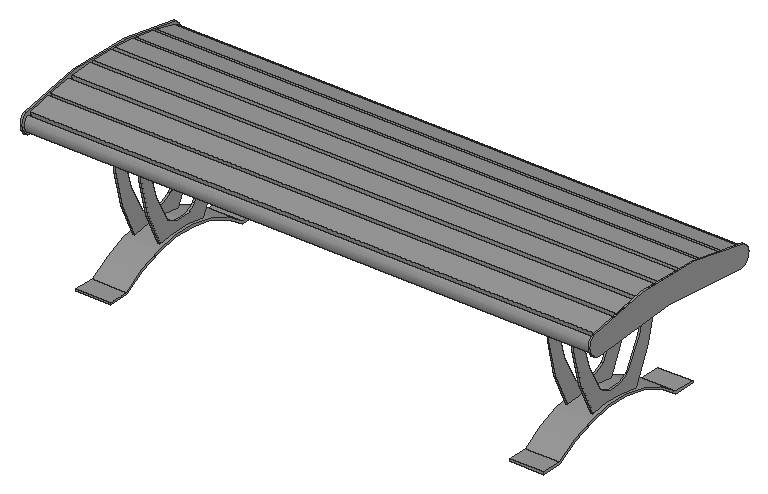
Revit family "Скамейка стальная «Химки» без спинки Арт 14651", category Антураж, Revit 2018
Family settings
  На основе рабочей плоскости = Нет
  Всегда вертикально = Да
  При загрузке вырезать с полостями = Нет
  Источник визуального образа = Геометрия семейства
  Общий = Нет
  Точка расчета площади = Нет
Parameters (values of type "Скамейка стальная «Химки» без спинки")
  Цвет опор = Сталь
  Цвет лавки = Дерево
  Описание = "Скамейка стальная «Химки» без спинки"  # constant formula
  Материал изделия = "Сталь, дерево"  # constant formula
  Изображение типоразмера = Скамейка стальная «Химки» без спинки Арт 14651.jpg
  Изготовитель = "ООО «Хоббика»"  # constant formula
  Длина = 1500 mm  # constant formula
  Ширина = 520 mm  # constant formula
  Группа модели = "Садовые скамейки"  # constant formula
  Высота = 410 mm  # constant formula
  Артикул товара = "Арт 14651"  # constant formula
  URL = "https://hobbyka.ru/product/skameyka_khimki/"
Reference planes
  plane 1 "По центру (Вперед/Назад)": y = 0
  plane 2: z = 0
  plane 3 "По центру (Влево/Вправо)": x = 0
  plane 4: x = 1500
  plane 5: y = 520
  plane 6: z = 410
Forms (mm)
  Extrusion 1, solid, material "Сталь"
    sketch origin (0, 0, 0) x (0, 1, 0) y (0, 0, 1)
      loop
        arc (14.665, 375.784) -> (1.073, 342.048) -> (30, 320) r 30
        arc (30, 320) -> (260, 338.389) -> (490, 320) r 1447.553
        arc (490, 320) -> (518.927, 342.048) -> (505.335, 375.784) r 30
        arc (505.335, 375.784) -> (260, 410) -> (14.665, 375.784) r 896.667
    from 0 to 5
  Extrusion 2, solid, material "Сталь" <- "Цвет опор"
    sketch origin (0, 0, 0) x (0, 1, 0) y (0, 0, 1)
      loop
        line (505, 5) -> (451.712, 5)
        arc (451.712, 5) -> (260, 70.336) -> (68.288, 5) r 313.933
        line (68.288, 5) -> (15, 5) -> (15, 0) -> (70, 0)
        arc (70, 0) -> (260, 65.336) -> (450, 0) r 308.933
        line (450, 0) -> (505, 0) -> (505, 5)
    from 135 to 225
  Extrusion 3, solid, material "Сталь" <- "Цвет опор"
    sketch origin (0, 0, 0) x (0, 1, 0) y (0, 0, 1)
      loop
        arc (122.593, 331.853) -> (136.912, 192.312) -> (189.78, 62.382) r 495.286
        arc (189.78, 62.382) -> (260, 70.336) -> (330.22, 62.382) r 313.933
        arc (330.22, 62.382) -> (383.088, 192.312) -> (397.407, 331.853) r 495.286
        arc (397.407, 331.853) -> (384.414, 333.033) -> (371.412, 334.095) r 1447.553
        arc (371.412, 334.095) -> (356.493, 216.341) -> (306.283, 108.789) r 383.512
        arc (306.283, 108.789) -> (259.281, 91.555) -> (212.803, 110.154) r 69.934
        arc (212.803, 110.154) -> (163.28, 217.131) -> (148.588, 334.095) r 383.512
        arc (148.588, 334.095) -> (135.586, 333.033) -> (122.593, 331.853) r 1447.553
    from 145 to 150
  Extrusion 4, solid, material "Сталь" <- "Цвет опор"
    sketch origin (0, 0, 0) x (0, 1, 0) y (0, 0, 1)
      loop
        arc (122.593, 331.853) -> (136.912, 192.312) -> (189.78, 62.382) r 495.286
        arc (189.78, 62.382) -> (260, 70.336) -> (330.22, 62.382) r 313.933
        arc (330.22, 62.382) -> (383.088, 192.312) -> (397.407, 331.853) r 495.286
        arc (397.407, 331.853) -> (384.414, 333.033) -> (371.412, 334.095) r 1447.553
        arc (371.412, 334.095) -> (356.493, 216.341) -> (306.283, 108.789) r 383.512
        arc (306.283, 108.789) -> (259.281, 91.555) -> (212.803, 110.154) r 69.934
        arc (212.803, 110.154) -> (163.28, 217.131) -> (148.588, 334.095) r 383.512
        arc (148.588, 334.095) -> (135.586, 333.033) -> (122.593, 331.853) r 1447.553
    from 210 to 215
  Extrusion 5, solid, material "Сталь" <- "Цвет опор"
    sketch origin (1500, 0, 0) x (0, 1, 0) y (0, 0, -1)
      loop
        arc (14.665, -375.784) -> (260, -410) -> (505.335, -375.784) r 896.667
        arc (505.335, -375.784) -> (518.927, -342.048) -> (490, -320) r 30
        arc (490, -320) -> (260, -338.389) -> (30, -320) r 1447.553
        arc (30, -320) -> (1.073, -342.048) -> (14.665, -375.784) r 30
    from 0 to 5
  Extrusion 6, solid, material "Сталь" <- "Цвет опор"
    sketch origin (1500, 0, 0) x (0, 1, 0) y (0, 0, -1)
      loop
        line (505, -5) -> (505, 0) -> (450, 0)
        arc (450, 0) -> (260, -65.336) -> (70, 0) r 308.933
        line (70, 0) -> (15, 0) -> (15, -5) -> (68.288, -5)
        arc (68.288, -5) -> (260, -70.336) -> (451.712, -5) r 313.933
        line (451.712, -5) -> (505, -5)
    from 135 to 225
  Extrusion 7, solid, material "Сталь" <- "Цвет опор"
    sketch origin (1500, 0, 0) x (0, 1, 0) y (0, 0, -1)
      loop
        arc (122.593, -331.853) -> (135.586, -333.033) -> (148.588, -334.095) r 1447.553
        arc (148.588, -334.095) -> (163.28, -217.131) -> (212.803, -110.154) r 383.512
        arc (212.803, -110.154) -> (259.281, -91.555) -> (306.283, -108.789) r 69.934
        arc (306.283, -108.789) -> (356.493, -216.341) -> (371.412, -334.095) r 383.512
        arc (371.412, -334.095) -> (384.414, -333.033) -> (397.407, -331.853) r 1447.553
        arc (397.407, -331.853) -> (383.088, -192.312) -> (330.22, -62.382) r 495.286
        arc (330.22, -62.382) -> (260, -70.336) -> (189.78, -62.382) r 313.933
        arc (189.78, -62.382) -> (136.912, -192.312) -> (122.593, -331.853) r 495.286
    from 145 to 150
  Extrusion 8, solid, material "Сталь" <- "Цвет опор"
    sketch origin (1500, 0, 0) x (0, 1, 0) y (0, 0, -1)
      loop
        arc (122.593, -331.853) -> (135.586, -333.033) -> (148.588, -334.095) r 1447.553
        arc (148.588, -334.095) -> (163.28, -217.131) -> (212.803, -110.154) r 383.512
        arc (212.803, -110.154) -> (259.281, -91.555) -> (306.283, -108.789) r 69.934
        arc (306.283, -108.789) -> (356.493, -216.341) -> (371.412, -334.095) r 383.512
        arc (371.412, -334.095) -> (384.414, -333.033) -> (397.407, -331.853) r 1447.553
        arc (397.407, -331.853) -> (383.088, -192.312) -> (330.22, -62.382) r 495.286
        arc (330.22, -62.382) -> (260, -70.336) -> (189.78, -62.382) r 313.933
        arc (189.78, -62.382) -> (136.912, -192.312) -> (122.593, -331.853) r 495.286
    from 210 to 215
  Extrusion 9, solid, material "Дерево" <- "Цвет лавки"
    sketch origin (0, 0, 0) x (0, 1, 0) y (0, 0, 1)
      loop
        arc (495.423, 373.36) -> (466.566, 380.743) -> (437.478, 387.159) r 891.667
        line (437.478, 387.159) -> (431.68, 360.321)
        arc (431.68, 360.321) -> (459.786, 353.85) -> (487.65, 346.403) r 827.895
        line (487.65, 346.403) -> (495.423, 373.36)
      loop
        arc (289.81, 404.502) -> (260, 405) -> (230.19, 404.502) r 891.667
        line (230.19, 404.502) -> (231.178, 377.816)
        arc (231.178, 377.816) -> (260, 378.317) -> (288.822, 377.816) r 827.895
        line (288.822, 377.816) -> (289.81, 404.502)
      loop
        line (299.735, 404.114) -> (298.392, 377.427)
        arc (298.392, 377.427) -> (327.175, 375.588) -> (355.877, 372.747) r 827.895
        line (355.877, 372.747) -> (359.052, 399.481)
        arc (359.052, 399.481) -> (329.433, 402.293) -> (299.735, 404.114) r 891.667
      loop
        line (368.921, 398.322) -> (365.384, 371.583)
        arc (365.384, 371.583) -> (393.923, 367.414) -> (422.299, 362.253) r 827.895
        line (422.299, 362.253) -> (427.723, 389.084)
        arc (427.723, 389.084) -> (398.399, 394.194) -> (368.921, 398.322) r 891.667
      loop
        arc (220.265, 404.114) -> (190.567, 402.293) -> (160.948, 399.481) r 891.667
        line (160.948, 399.481) -> (164.123, 372.747)
        arc (164.123, 372.747) -> (192.825, 375.588) -> (221.608, 377.427) r 827.895
        line (221.608, 377.427) -> (220.265, 404.114)
      loop
        arc (151.079, 398.322) -> (121.601, 394.194) -> (92.277, 389.084) r 891.667
        line (92.277, 389.084) -> (97.701, 362.253)
        arc (97.701, 362.253) -> (126.077, 367.414) -> (154.616, 371.583) r 827.895
        line (154.616, 371.583) -> (151.079, 398.322)
      loop
        arc (82.522, 387.159) -> (53.434, 380.743) -> (24.577, 373.36) r 891.667
        line (24.577, 373.36) -> (32.35, 346.403)
        arc (32.35, 346.403) -> (60.214, 353.85) -> (88.32, 360.321) r 827.895
        line (88.32, 360.321) -> (82.522, 387.159)
    from 5 to 1495
  Extrusion 10, solid, material "Сталь" <- "Цвет опор"
    sketch origin (0, 0, 0) x (0, 1, 0) y (0, 0, 1)
      loop
        arc (15.162, 370.12) -> (6.073, 342.755) -> (28.816, 325.028) r 25
        line (28.816, 325.028) -> (15.162, 370.12)
      loop
        arc (491.184, 325.028) -> (513.927, 342.755) -> (504.838, 370.12) r 25
        line (504.838, 370.12) -> (491.184, 325.028)
    from 5 to 1495
Lines and regions (mm)
  symbolic lines
    curve 1: line (0, 0, 950) -> (1500, 0, 950)
    curve 2: line (750, 0, 950) -> (750, 0, 1330)
Dimensions and locks
  "Длина": plane 3 "По центру (Влево/Вправо)" to plane 4
  "Ширина": plane 5 to plane 1 "По центру (Вперед/Назад)"
  "Высота": plane 6 to plane 2
  aligned and locked: level to plane 2
Automatic sketch dimensions
  curve 1 to plane 3 "По центру (Влево/Вправо)" = 0 mm
  curve 1 to plane 4 = 0 mm
  plane 6 to curve 1 = 540 mm
  plane 3 "По центру (Влево/Вправо)" to curve 2 = 750 mm
  curve 2 to curve 2 = 380 mm
  Extrusion 1 sketch curve to plane 1 "По центру (Вперед/Назад)" = 30 mm
  Extrusion 1 sketch curve to plane 1 "По центру (Вперед/Назад)" = 260 mm  (x2)
  Extrusion 1 sketch curve to plane 5 = 30 mm
  Extrusion 1 sketch curve to level = 1109.164 mm
  Extrusion 1 sketch curve to level = 486.667 mm
  Extrusion 1 sketch curve to plane 6 = 60 mm
  level to Extrusion 1 sketch curve = 350 mm
  Extrusion 1 sketch curve to plane 1 "По центру (Вперед/Назад)" = 14.665 mm
  Extrusion 1 sketch curve to Extrusion 1 sketch curve = 30 mm
  Extrusion 2 sketch curve to Extrusion 2 sketch curve = 0 mm  (x2)
  Extrusion 2 sketch curve to level = 0 mm  (x2)
  level to Extrusion 2 sketch curve = 5 mm  (x2)
  Extrusion 2 sketch curve to plane 1 "По центру (Вперед/Назад)" = 15 mm
  Extrusion 2 sketch curve to Extrusion 2 sketch curve = 53.288 mm
  Extrusion 2 sketch curve to Extrusion 2 sketch curve = 1.712 mm
  Extrusion 2 sketch curve to plane 1 "По центру (Вперед/Назад)" = 260 mm
  Extrusion 2 sketch curve to plane 5 = 15 mm
  Extrusion 2 sketch curve to level = 243.597 mm
  Extrusion 3 sketch curve to Extrusion 3 sketch curve = 0 mm  (x2)
  plane 1 "По центру (Вперед/Назад)" to Extrusion 3 sketch curve = 97.486 mm
  plane 1 "По центру (Вперед/Назад)" to Extrusion 3 sketch curve = 11.935 mm
  Extrusion 3 sketch curve to plane 1 "По центру (Вперед/Назад)" = 260 mm  (x2)
  level to Extrusion 3 sketch curve = 161.481 mm
  Extrusion 3 sketch curve to plane 5 = 259.697 mm
  plane 5 to Extrusion 3 sketch curve = 11.935 mm
  Extrusion 3 sketch curve to Extrusion 3 sketch curve = 85.551 mm
  Extrusion 3 sketch curve to level = 243.597 mm
  Extrusion 3 sketch curve to Extrusion 3 sketch curve = 865.567 mm
  Extrusion 3 sketch curve to plane 6 = 97.868 mm  (x2)
  Extrusion 3 sketch curve to Extrusion 3 sketch curve = 10.709 mm  (x2)
  Extrusion 3 sketch curve to plane 1 "По центру (Вперед/Назад)" = 122.593 mm
  Extrusion 3 sketch curve to Extrusion 3 sketch curve = 25.995 mm
  level to Extrusion 3 sketch curve = 62.382 mm
  Extrusion 3 sketch curve to Extrusion 3 sketch curve = 70.523 mm
  Extrusion 3 sketch curve to Extrusion 3 sketch curve = 23.023 mm
  Extrusion 3 sketch curve to Extrusion 3 sketch curve = 45.981 mm
  Extrusion 3 sketch curve to Extrusion 3 sketch curve = 23.937 mm
  Extrusion 3 sketch curve to plane 6 = 75.905 mm
  Extrusion 4 sketch curve to Extrusion 4 sketch curve = 0 mm  (x2)
  plane 1 "По центру (Вперед/Назад)" to Extrusion 4 sketch curve = 97.486 mm
  plane 1 "По центру (Вперед/Назад)" to Extrusion 4 sketch curve = 11.935 mm
  Extrusion 4 sketch curve to plane 1 "По центру (Вперед/Назад)" = 260 mm  (x2)
  level to Extrusion 4 sketch curve = 161.481 mm
  Extrusion 4 sketch curve to plane 5 = 259.697 mm
  plane 5 to Extrusion 4 sketch curve = 11.935 mm
  Extrusion 4 sketch curve to Extrusion 4 sketch curve = 85.551 mm
  Extrusion 4 sketch curve to level = 243.597 mm
  Extrusion 4 sketch curve to Extrusion 4 sketch curve = 865.567 mm
  Extrusion 4 sketch curve to plane 6 = 97.868 mm  (x2)
  Extrusion 4 sketch curve to Extrusion 4 sketch curve = 10.709 mm  (x2)
  Extrusion 4 sketch curve to plane 1 "По центру (Вперед/Назад)" = 122.593 mm
  Extrusion 4 sketch curve to Extrusion 4 sketch curve = 25.995 mm
  level to Extrusion 4 sketch curve = 62.382 mm
  Extrusion 4 sketch curve to Extrusion 4 sketch curve = 70.523 mm
  Extrusion 4 sketch curve to Extrusion 4 sketch curve = 23.023 mm
  Extrusion 4 sketch curve to Extrusion 4 sketch curve = 45.981 mm
  Extrusion 4 sketch curve to Extrusion 4 sketch curve = 23.937 mm
  Extrusion 4 sketch curve to plane 6 = 75.905 mm
  Extrusion 5 sketch curve to plane 1 "По центру (Вперед/Назад)" = 30 mm
  Extrusion 5 sketch curve to plane 1 "По центру (Вперед/Назад)" = 260 mm  (x2)
  Extrusion 5 sketch curve to plane 5 = 30 mm
  Extrusion 5 sketch curve to plane 6 = 60 mm
  level to Extrusion 5 sketch curve = 350 mm
  Extrusion 5 sketch curve to level = 486.667 mm
  Extrusion 5 sketch curve to Extrusion 5 sketch curve = 622.497 mm
  Extrusion 5 sketch curve to plane 1 "По центру (Вперед/Назад)" = 14.665 mm
  Extrusion 5 sketch curve to Extrusion 5 sketch curve = 25.784 mm
  Extrusion 6 sketch curve to Extrusion 6 sketch curve = 0 mm  (x2)
  Extrusion 6 sketch curve to level = 0 mm  (x2)
  level to Extrusion 6 sketch curve = 5 mm  (x2)
  Extrusion 6 sketch curve to plane 1 "По центру (Вперед/Назад)" = 15 mm
  Extrusion 6 sketch curve to Extrusion 6 sketch curve = 53.288 mm
  Extrusion 6 sketch curve to Extrusion 6 sketch curve = 1.712 mm
  Extrusion 6 sketch curve to plane 1 "По центру (Вперед/Назад)" = 260 mm
  Extrusion 6 sketch curve to plane 5 = 15 mm
  Extrusion 6 sketch curve to level = 243.597 mm
  Extrusion 7 sketch curve to Extrusion 7 sketch curve = 0 mm  (x2)
  plane 1 "По центру (Вперед/Назад)" to Extrusion 7 sketch curve = 97.486 mm
  plane 1 "По центру (Вперед/Назад)" to Extrusion 7 sketch curve = 11.935 mm
  Extrusion 7 sketch curve to plane 1 "По центру (Вперед/Назад)" = 260 mm  (x2)
  level to Extrusion 7 sketch curve = 161.481 mm
  Extrusion 7 sketch curve to plane 5 = 259.697 mm
  plane 5 to Extrusion 7 sketch curve = 11.935 mm
  Extrusion 7 sketch curve to Extrusion 7 sketch curve = 85.551 mm
  Extrusion 7 sketch curve to plane 6 = 97.868 mm  (x2)
  Extrusion 7 sketch curve to Extrusion 7 sketch curve = 10.709 mm  (x2)
  Extrusion 7 sketch curve to level = 243.597 mm
  Extrusion 7 sketch curve to Extrusion 7 sketch curve = 865.567 mm
  Extrusion 7 sketch curve to plane 1 "По центру (Вперед/Назад)" = 122.593 mm
  Extrusion 7 sketch curve to Extrusion 7 sketch curve = 25.995 mm
  level to Extrusion 7 sketch curve = 62.382 mm
  Extrusion 7 sketch curve to Extrusion 7 sketch curve = 70.523 mm
  Extrusion 7 sketch curve to Extrusion 7 sketch curve = 23.023 mm
  Extrusion 7 sketch curve to Extrusion 7 sketch curve = 45.981 mm
  Extrusion 7 sketch curve to Extrusion 7 sketch curve = 23.937 mm
  Extrusion 7 sketch curve to plane 6 = 75.905 mm
  Extrusion 8 sketch curve to Extrusion 8 sketch curve = 0 mm  (x2)
  plane 1 "По центру (Вперед/Назад)" to Extrusion 8 sketch curve = 97.486 mm
  plane 1 "По центру (Вперед/Назад)" to Extrusion 8 sketch curve = 11.935 mm
  Extrusion 8 sketch curve to plane 1 "По центру (Вперед/Назад)" = 260 mm  (x2)
  level to Extrusion 8 sketch curve = 161.481 mm
  Extrusion 8 sketch curve to plane 5 = 259.697 mm
  plane 5 to Extrusion 8 sketch curve = 11.935 mm
  Extrusion 8 sketch curve to Extrusion 8 sketch curve = 85.551 mm
  Extrusion 8 sketch curve to plane 6 = 97.868 mm  (x2)
  Extrusion 8 sketch curve to Extrusion 8 sketch curve = 10.709 mm  (x2)
  Extrusion 8 sketch curve to level = 243.597 mm
  Extrusion 8 sketch curve to Extrusion 8 sketch curve = 865.567 mm
  Extrusion 8 sketch curve to plane 1 "По центру (Вперед/Назад)" = 122.593 mm
  Extrusion 8 sketch curve to Extrusion 8 sketch curve = 25.995 mm
  level to Extrusion 8 sketch curve = 62.382 mm
  Extrusion 8 sketch curve to Extrusion 8 sketch curve = 70.523 mm
  Extrusion 8 sketch curve to Extrusion 8 sketch curve = 23.023 mm
  Extrusion 8 sketch curve to Extrusion 8 sketch curve = 45.981 mm
  Extrusion 8 sketch curve to Extrusion 8 sketch curve = 23.937 mm
  Extrusion 8 sketch curve to plane 6 = 75.905 mm
  Extrusion 9 sketch curve to Extrusion 9 sketch curve = 0 mm  (x67)
  Extrusion 9 sketch curve to plane 6 = 22.841 mm  (x2)
  Extrusion 9 sketch curve to Extrusion 9 sketch curve = 57.944 mm  (x2)
  Extrusion 9 sketch curve to Extrusion 9 sketch curve = 5.798 mm
  Extrusion 9 sketch curve to plane 6 = 20.916 mm  (x2)
  Extrusion 9 sketch curve to Extrusion 9 sketch curve = 9.755 mm  (x2)
  Extrusion 9 sketch curve to Extrusion 9 sketch curve = 9.381 mm  (x2)
  Extrusion 9 sketch curve to plane 6 = 11.678 mm  (x2)
  Extrusion 9 sketch curve to Extrusion 9 sketch curve = 58.802 mm
  Extrusion 9 sketch curve to plane 6 = 38.417 mm  (x2)
  Extrusion 9 sketch curve to Extrusion 9 sketch curve = 3.538 mm
  Extrusion 9 sketch curve to plane 6 = 10.519 mm  (x2)
  Extrusion 9 sketch curve to Extrusion 9 sketch curve = 9.869 mm  (x2)
  Extrusion 9 sketch curve to plane 6 = 37.253 mm  (x2)
  Extrusion 9 sketch curve to Extrusion 9 sketch curve = 9.507 mm  (x2)
  Extrusion 9 sketch curve to plane 6 = 5.886 mm  (x2)
  Extrusion 9 sketch curve to Extrusion 9 sketch curve = 59.317 mm
  Extrusion 9 sketch curve to plane 6 = 32.573 mm  (x2)
  Extrusion 9 sketch curve to Extrusion 9 sketch curve = 1.343 mm
  Extrusion 9 sketch curve to plane 6 = 5.498 mm  (x2)
  Extrusion 9 sketch curve to Extrusion 9 sketch curve = 9.926 mm  (x2)
  Extrusion 9 sketch curve to plane 6 = 32.184 mm  (x2)
  Extrusion 9 sketch curve to Extrusion 9 sketch curve = 9.57 mm  (x2)
  Extrusion 9 sketch curve to plane 6 = 47.747 mm
  Extrusion 9 sketch curve to plane 5 = 32.35 mm
  Extrusion 10 sketch curve to plane 1 "По центру (Вперед/Назад)" = 15.162 mm
  Extrusion 10 sketch curve to plane 1 "По центру (Вперед/Назад)" = 28.816 mm
  Extrusion 10 sketch curve to Extrusion 10 sketch curve = 45.092 mm
  Extrusion 10 sketch curve to plane 6 = 84.972 mm  (x2)
  Extrusion 10 sketch curve to Extrusion 10 sketch curve = 14.838 mm
  Extrusion 10 sketch curve to plane 5 = 30 mm
  Extrusion 10 sketch curve to Extrusion 10 sketch curve = 1.184 mm
  Extrusion 10 sketch curve to plane 5 = 15.162 mm
  Extrusion 10 sketch curve to Extrusion 10 sketch curve = 24.972 mm
  Extrusion 9 sketch curve to Extrusion 9 sketch curve = 7.772 mm
  Extrusion 9 sketch curve to Extrusion 9 sketch curve = 26.957 mm  (x2)
  Extrusion 9 sketch curve to Extrusion 9 sketch curve = 50.172 mm
